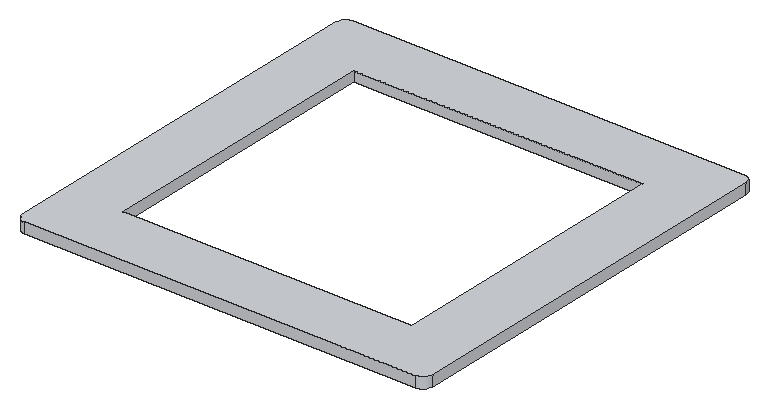
Revit family "Alcon-14081-Revit-Family", category Generic Models, host Ceiling, Revit 2025
Family settings
  Host = Ceiling
  Can host rebar = No
  Round Connector Dimension = Use Diameter
  Part Type = Normal
  Always vertical = Yes
  Cut with Voids When Loaded = No
  Maintain Annotation Orientation = No
  Shared = No
  Room Calculation Point = No
Parameters
  Default Elevation = 0' - 0"
Reference planes (in)
  plane 1 "Center (Front/Back)": y = 0
  plane 2 "Ceiling": z = 96
  plane 3 "Center (Left/Right)": x = 0
Forms (in)
  Extrusion 1, solid
    sketch origin (0.77561, 0.18129, 96) x (0, -1, 0) y (1, 0, 0)
      loop
        line (-2.1485, -3.19853) -> (2.50941, -3.19853)
        arc (2.50941, -3.19853) -> (2.58675, -3.1665) -> (2.61879, -3.08916) r 0.10938
        line (2.61879, -3.08916) -> (2.61879, 1.56709)
        arc (2.61879, 1.56709) -> (2.58675, 1.64443) -> (2.50941, 1.67647) r 0.10938
        line (2.50941, 1.67647) -> (-2.14684, 1.67647)
        arc (-2.14684, 1.67647) -> (-2.22418, 1.64443) -> (-2.25621, 1.56709) r 0.10937
        line (-2.25621, 1.56709) -> (-2.25621, -3.09082)
        arc (-2.25621, -3.09082) -> (-2.22467, -3.16699) -> (-2.1485, -3.19853) r 0.10771
      loop
        line (1.90004, -2.49436) -> (1.90004, 0.94314) -> (-1.53746, 0.94314) -> (-1.53746, -2.49436) -> (1.90004, -2.49436)
    from 0 to -0.125
Dimensions and locks (in)
  equal spacing: host sketch curve, plane 3 "Center (Left/Right)", host sketch curve
  equal spacing: host sketch curve, plane 1 "Center (Front/Back)", host sketch curve
  host sketch curve to host sketch curve = 10' - 0"  (x2)
